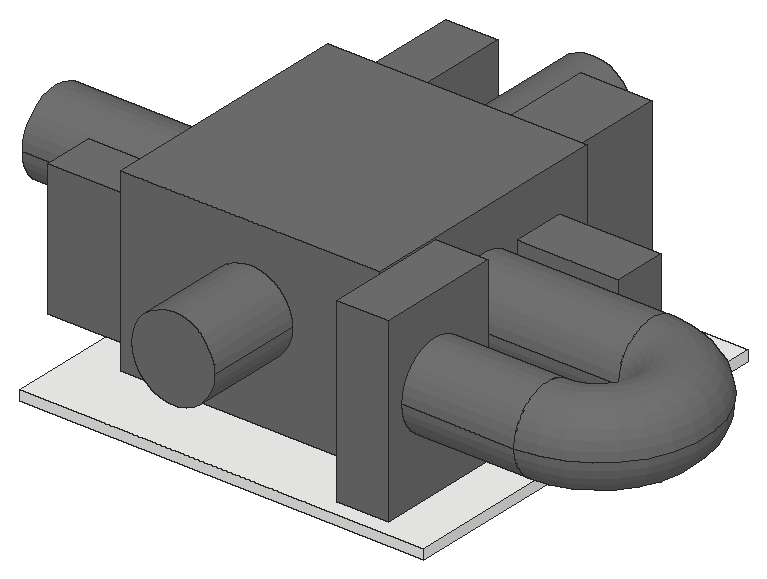
Revit family "v-180sz5(-n)_60Hz", category 機械設備, Revit 2019
Family settings
  丸型コネクタ寸法 = 直径を使用
  パーツ タイプ = 標準
  OmniClass 番号 = 23.75.35.17.27
  OmniClass タイトル = Centrifugal Fans
  作業面ベース = いいえ
  常に垂直 = はい
  ロード時にボイドで切り取り = いいえ
  共有 = いいえ
  部屋計算ポイント = はい
Parameters (values of type "V-180SZU5-N")
  騒音レベル(dB(A)) [instance] = 49
  風量 [instance] = 225.0 m³/h
  電源種別 [instance] = ""
  電圧 = 100 V
  電動機出力 = 0 W
  電動機_種別 [instance] = ""
  運転質量 = 0.00 kg
  連動 [instance] = ""
  質量 = if(製品質量 > 運転質量, 製品質量, 運転質量) * 1.2  # 8.40 kg
  負荷分類 = 3_ファン類
  説明 = "エアフロー環気システム サニタリー換気ユニット 天井埋込形"
  設計風量 [instance] = 0.0 m³/h
  設置方法 = "天埋"
  記号 [instance] = ""
  製造元 = "三菱電機株式会社"
  製品質量 = 7.00 kg
  製品出荷対象 = "国内"
  製品リリース年月 = "2022年6月1日"
  製品グループ = ""
  系統 [instance] = ""
  符号 [instance] = ""
  積算_科目 = "2 換気設備"
  積算_拾い区分 [instance] = ""
  相 = 1
  盤記号 [instance] = ""
  発停方法 [instance] = ""
  特殊仕様 [instance] = ""
  点検口 = yes
  火災停止 [instance] = ""
  消費電力 = 48 W
  法定耐用年数 = "15"
  機外静圧 [instance] = 178.0 Pa
  極数 = 2
  材質 [instance] = ""
  操作・制御方式 = ""
  操作・制御スイッチ = ""
  排気量 [instance] = 0.0 m³/h
  形式 = ""
  幹線記号 [instance] = ""
  対象室 [instance] = ""
  実風量 [instance] = 0.0 m³/h
  始動方式 [instance] = "直入"
  外気量 [instance] = 0.0 m³/h
  呼称 = ""
  周波数 = 60 Hz
  参照している仕様書等のバージョン = ""
  分類コード = "50052504100030"
  分類グループ = ""
  価格 = 109800
  企業コード = "108420"
  付属品_防振装置 = ""
  付属品 [instance] = ""
  仕様書バージョン = "Version1.0"
  モデル = "V-180SZU5-N"
  マテリアル = 合成樹脂(黒)
  ファンの種類 = ""
  ダクト径 = 100 mm
  コメント [instance] = ""
  Keynote = ""
  カバーマテリアル = 合成樹脂(白)
  Width = 304 mm
  W3 = Width / 2  # 152 mm
  W2 = 110 mm
  W1 = 475 mm
  Version = ""
  Uniclass2015Version = "Systems v1.9"
  Uniclass2015Title = "Centrifugal fans"
  Uniclass2015Code = "Pr_65_67_29_12"
  URL = "https://www.mitsubishielectric.co.jp/ldg/wink/ssl/displayProduct.do?pid=320480"
  SpecificationReference = ""
  SpecificationDescription = ""
  Revision = ""
  RAサイズ_D = 98 mm
  ProductInformation = ""
  OmniClassCode = "23-33 31 19 11 15"
  MIN風量 = 60.0 m³/h
  MIN静圧 = 12.5 Pa
  MID風量 = 0.0 m³/h
  MID静圧 = 0.0 Pa
  MAX風量 = 225.0 m³/h
  MAX静圧 = 178.0 Pa
  IfcTypeProduct = ""
  IfcProduct = ""
  IfcExportType = "PROPELLORAXIAL"
  IfcExportAs = "IfcFanType"
  Height = 211 mm
  H2 = 198 mm
  H1 = 12 mm
  Panel_W = 35 mm
  Gril_Width = 61 mm
  Gril_W = 155 mm
  Gril_Depth = 146 mm
  Gril_D = 73 mm
  EAサイズ_D = 98 mm
  Duct_RA_W1 = 113 mm
  Duct_RA_Depth2 = 322 mm
  Duct_RA_Depth1 = 198 mm
  Duct_H = 116 mm
  Duct_EA_Depth = 113 mm
  Depth = 304 mm
  D2 = 120 mm
  D1 = 475 mm
  Cover_Width = 132 mm
  Author = "三菱電機株式会社"
Reference planes
  plane 1 "中心(正面/背面)": y = 0
  plane 2: z = 0
  plane 3 "中心(左/右)": x = 0
  plane 4: x = -202.5
  plane 5: x = 272.5
  plane 6: y = 237.5
  plane 7: y = -237.5
  plane 8: x = -152
  plane 9: x = 152
  plane 10: y = 152
  plane 11: y = -152
  plane 12: y = -265
  plane 13: z = 211
  plane 14: z = -12
  plane 15: z = 116
  plane 16: y = 350
  plane 17: x = -110
  plane 18: x = 132
  plane 19: y = 272
  plane 20: z = 198
  plane 21: x = -76
  plane 22: x = 76
  plane 23: y = 110
  plane 24: y = -110
  plane 25: x = 474
  plane 26: x = -350
  plane 27: x = 272
  plane 28: x = -272
  plane 29: z = 165
  plane 30: z = 67
  plane 31: x = -49
  plane 32: x = 49
  plane 33: y = 49
  plane 34: y = -49
  plane 35: y = -152
  plane 36: x = 216
  plane 37: x = 155
  plane 38: y = -219
  plane 39: y = -73
  plane 40: x = 35
Forms (mm)
  Extrusion 1, solid, material "合成樹脂(黒)" <- "マテリアル", detail levels fine
    sketch origin (0, 0, 0) x (1, 0, 0) y (0, 1, 0)
      loop
        line (-152, 152) -> (-152, -152) -> (152, -152) -> (152, 152) -> (-152, 152)
    from 0 to 211
  Extrusion 2, solid, material "合成樹脂(白)" <- "カバーマテリアル", detail levels fine
    sketch origin (0, 0, 0) x (1, 0, 0) y (0, 1, 0)
      loop
        line (-202.5, 237.5) -> (-202.5, -237.5) -> (272.5, -237.5) -> (272.5, 237.5) -> (-202.5, 237.5)
    from 0 to -12
  Extrusion 3, solid, material "合成樹脂(黒)" <- "マテリアル", detail levels fine
    sketch origin (0, 0, 0) x (1, 0, 0) y (0, 0, 1)
      loop
        circle (0, 116) r 49
    from 152 to 265
  Extrusion 4, solid, material "合成樹脂(黒)" <- "マテリアル", detail levels fine
    sketch origin (0, 0, 0) x (1, 0, 0) y (0, 0, 1)
      loop
        circle (0, 116) r 49
    from -350 to -152
  Extrusion 5, solid, material "合成樹脂(黒)" <- "マテリアル", detail levels fine
    sketch origin (0, 0, 0) x (1, 0, 0) y (0, 1, 0)
      loop
        line (132, 272) -> (49, 272) -> (49, 152) -> (132, 152) -> (132, 272)
    from 0 to 198
  Extrusion 6, solid, material "合成樹脂(黒)" <- "マテリアル", detail levels fine
    sketch origin (0, 0, 0) x (1, 0, 0) y (0, 1, 0)
      loop
        line (-110, 152) -> (-49, 152) -> (-49, 272) -> (-110, 272) -> (-110, 152)
    from 0 to 198
  Extrusion 7, solid, material "合成樹脂(黒)" <- "マテリアル", detail levels fine
    sketch origin (0, 0, 0) x (0, 1, 0) y (0, 0, 1)
      loop
        circle (0, 116) r 49
    from -350 to -152
  Extrusion 8, solid, material "合成樹脂(黒)" <- "マテリアル", detail levels fine
    sketch origin (0, 0, 0) x (1, 0, 0) y (0, 1, 0)
      loop
        line (-272, -110) -> (-152, -110) -> (-152, -49) -> (-272, -49) -> (-272, -110)
    from 0 to 157
  Extrusion 9, solid, material "合成樹脂(黒)" <- "マテリアル", detail levels fine
    sketch origin (0, 0, 0) x (1, 0, 0) y (0, 1, 0)
      loop
        line (272, 49) -> (272, 110) -> (152, 110) -> (152, 49) -> (272, 49)
    from 0 to 157
  Extrusion 10, solid, material "合成樹脂(黒)" <- "マテリアル"
    sketch origin (0, 0, 0) x (1, 0, 0) y (0, 1, 0)
      loop
        line (216, -219) -> (216, -73) -> (155, -73) -> (155, -219) -> (216, -219)
    from 0 to 211
  Sweep 11, solid, material "合成樹脂(黒)" <- "マテリアル"
    path origin (0, 0, 0) x (1, 0, 0) y (0, 1, 0)
      loop
        line (152, 0) -> (349, 0)
        arc (349, 0) -> (425, -76) -> (349, -152) r 76
        line (349, -152) -> (216, -152)
    profile origin (250.5, 0, 0) x (0, 1, 0) y (0, 0, 1)
      loop
        circle (0, 116) r 49
Lines and regions (mm)
  Masking region 1, detail levels coarse+medium
    outline origin (3517.908, 55.806, 0) x (1, 0, 0) y (0, 1, 0)
      loop
        line (-3669.908, 96.194) -> (-3669.908, -207.806) -> (-3365.908, -207.806) -> (-3365.908, 96.194) -> (-3669.908, 96.194)
  symbolic lines, detail levels coarse+medium
    curve 1: circle (-76, 0, 0) r 76 normal (0, 0, 1)
    curve 2: circle (76, 0, 0) r 76 normal (0, 0, 1)
Dimensions and locks
  "W1": plane 4 to plane 5
  equal spacing: plane 6, plane 1 "中心(正面/背面)", plane 7
  "D1": plane 6 to plane 7
  equal spacing: plane 8, plane 3 "中心(左/右)", plane 9
  "Width": plane 8 to plane 9
  equal spacing: plane 10, plane 1 "中心(正面/背面)", plane 11
  "Depth": plane 10 to plane 11
  "Duct_EA_Depth": plane 11 to plane 12
  "Height": plane 13 to plane 2
  "Duct_H": plane 15 to plane 2
  "H1": plane 2 to plane 14
  "Duct_RA_Depth1": plane 16 to plane 10
  "W2": plane 17 to plane 3 "中心(左/右)"
  "Cover_Width": plane 3 "中心(左/右)" to plane 18
  "D2": plane 19 to plane 10
  "H2": plane 20 to level
  equal spacing: plane 8, plane 21, plane 3 "中心(左/右)"
  equal spacing: plane 3 "中心(左/右)", plane 22, plane 9
  "W2": plane 23 to plane 1 "中心(正面/背面)"
  "W2": plane 1 "中心(正面/背面)" to plane 24
  "Duct_RA_Depth1": plane 26 to plane 8
  "Duct_RA_Depth2": plane 9 to plane 25
  "D2": plane 28 to plane 8
  "D2": plane 9 to plane 27
  equal spacing: plane 29, plane 15, plane 30
  "EAサイズ_D": plane 29 to plane 30
  equal spacing: plane 31, plane 3 "中心(左/右)", plane 32
  "EAサイズ_D": plane 31 to plane 32
  equal spacing: plane 34, plane 1 "中心(正面/背面)", plane 33
  "RAサイズ_D": plane 33 to plane 34
  "Gril_Width": plane 37 to plane 36
  "Gril_W": plane 3 "中心(左/右)" to plane 37
  "Gril_Depth": plane 38 to plane 39
  "Gril_D": plane 39 to plane 1 "中心(正面/背面)"
  "Duct_RA_W1": plane 35 to plane 12
  "Panel_W": plane 3 "中心(左/右)" to plane 40
  equal spacing: plane 4, plane 40, plane 5
  "EAサイズ_D": diameter of Extrusion 3 sketch curve
  "RAサイズ_D": diameter of Extrusion 4 sketch curve
  "RAサイズ_D": diameter of Extrusion 7 sketch curve
  "RAサイズ_D": diameter of Sweep 11 sketch curve
  "W3": diameter of curve 1
  "W3": diameter of curve 2
  aligned and locked: level to plane 2
  aligned and locked: plane 5 to Extrusion 2
  aligned and locked: plane 6 to Extrusion 2
  aligned and locked: Extrusion 2 to plane 4
  aligned and locked: Extrusion 2 to plane 7
  aligned and locked: plane 9 to Extrusion 1
  aligned and locked: Extrusion 1 to plane 11
  aligned and locked: Extrusion 1 to plane 8
  aligned and locked: plane 10 to Extrusion 1
  aligned and locked: plane 13 to Extrusion 1
  aligned and locked: Extrusion 2 to plane 14
  aligned and locked: level to Extrusion 2
  aligned and locked: Extrusion 1 to level
  aligned and locked: Extrusion 3 to plane 12
  aligned and locked: plane 11 to Extrusion 3
  aligned and locked: Masking region 1 to plane 8
  aligned and locked: plane 9 to Masking region 1
  aligned and locked: Masking region 1 to plane 11
  aligned and locked: plane 10 to Masking region 1
  aligned and locked: plane 16 to Extrusion 4
  aligned and locked: Extrusion 4 to plane 10
  aligned and locked: plane 19 to Extrusion 5 sketch curve
  aligned and locked: plane 18 to Extrusion 5 sketch curve
  aligned and locked: Extrusion 5 sketch curve to plane 10
  aligned and locked: Extrusion 6 sketch curve to plane 10
  aligned and locked: Extrusion 6 sketch curve to plane 17
  aligned and locked: plane 19 to Extrusion 6 sketch curve
  aligned and locked: Extrusion 7 to plane 26
  aligned and locked: plane 8 to Extrusion 7
  aligned and locked: Extrusion 8 sketch curve to plane 24
  aligned and locked: plane 28 to Extrusion 8 sketch curve
  aligned and locked: plane 8 to Extrusion 8 sketch curve
  aligned and locked: Extrusion 9 sketch curve to plane 27
  aligned and locked: Extrusion 9 sketch curve to plane 23
  aligned and locked: plane 9 to Extrusion 9 sketch curve
  aligned and locked: Extrusion 5 to plane 32
  aligned and locked: plane 31 to Extrusion 6
  aligned and locked: Extrusion 9 to plane 33
  aligned and locked: Extrusion 8 to plane 34
  aligned and locked: Extrusion 9 to plane 2
  aligned and locked: Extrusion 8 to plane 2
  aligned and locked: Extrusion 6 to plane 2
  aligned and locked: Extrusion 10 to plane 37
  aligned and locked: plane 38 to Extrusion 10
  aligned and locked: plane 36 to Extrusion 10
  aligned and locked: Extrusion 10 to plane 39
  aligned and locked: Extrusion 10 to plane 2
  aligned and locked: plane 13 to Extrusion 10
  aligned and locked: plane 20 to Extrusion 5
  aligned and locked: plane 20 to Extrusion 6
Automatic sketch dimensions
  Extrusion 1 sketch curve to plane 8 = 0 mm
  Extrusion 1 sketch curve to plane 9 = 0 mm
  Extrusion 1 sketch curve to plane 11 = 0 mm
  Extrusion 1 sketch curve to plane 10 = 0 mm
  Extrusion 2 sketch curve to plane 4 = 0 mm
  Extrusion 2 sketch curve to plane 5 = 0 mm
  Extrusion 2 sketch curve to plane 7 = 0 mm
  Extrusion 2 sketch curve to plane 6 = 0 mm
  Masking region 1 sketch curve to plane 6 = 389.5 mm
  Masking region 1 sketch curve to Masking region 1 sketch curve = 304 mm
  Extrusion 3 sketch curve to plane 3 "中心(左/右)" = 0 mm
  Extrusion 3 sketch curve to plane 15 = 0 mm
  Extrusion 4 sketch curve to plane 3 "中心(左/右)" = 0 mm
  Extrusion 4 sketch curve to plane 15 = 0 mm
  Extrusion 7 sketch curve to plane 1 "中心(正面/背面)" = 0 mm
  Extrusion 7 sketch curve to plane 15 = 0 mm
  plane 3 "中心(左/右)" to Extrusion 5 sketch curve = 49 mm
  Extrusion 6 sketch curve to plane 3 "中心(左/右)" = 49 mm
  Extrusion 9 sketch curve to plane 1 "中心(正面/背面)" = 49 mm
  Extrusion 8 sketch curve to plane 34 = 0 mm
  Extrusion 10 sketch curve to plane 37 = 0 mm
  Extrusion 10 sketch curve to plane 36 = 0 mm
  plane 38 to Extrusion 10 sketch curve = 0 mm
  plane 39 to Extrusion 10 sketch curve = 0 mm
  Sweep 11 sketch curve to profile plane = 0 mm
  level to Sweep 11 sketch curve = 116 mm
  plane 1 "中心(正面/背面)" to curve 1 = 0 mm
  curve 1 to plane 21 = 0 mm
  plane 1 "中心(正面/背面)" to curve 2 = 0 mm
  curve 2 to plane 22 = 0 mm
  Sweep 11 sketch curve to plane 9 = 0 mm
  Sweep 11 sketch curve to plane 36 = 0 mm
  plane 1 "中心(正面/背面)" to Sweep 11 sketch curve = 0 mm
  Sweep 11 sketch curve to plane 11 = 0 mm
  plane 27 to Sweep 11 sketch curve = 77 mm
  Masking region 1 sketch curve to plane 10 = 0 mm
  Masking region 1 sketch curve to plane 8 = 0 mm
Connectors
  hvac at (0, -265, 116), driven by "ダクト径", driven by "風量", driven by "機外静圧"
    settings: on Extrusion 3, index 1, duct flow 225.0 m³/h, flow factor 0, pres drop 178.0 Pa, loss coef 0, conn angle 0.00°, conn width 304.8 mm, conn height 304.8 mm, conn diameter 100 mm, duct sys type 3, conn prof type 0, flow config 0, flow direction 2, loss method 4, conn ref index -1, conn util no, is conn primary yes, conn desc ""
  hvac at (0, 350, 116), driven by "ダクト径", driven by "機外静圧", driven by "風量"
    settings: on Extrusion 4, index 4, duct flow 225.0 m³/h, flow factor 0, pres drop 178.0 Pa, loss coef 0, conn angle 0.00°, conn width 304.8 mm, conn height 304.8 mm, conn diameter 100 mm, duct sys type 2, conn prof type 0, flow config 0, flow direction 2, loss method 4, conn ref index -1, conn util no, is conn primary no, conn desc ""
  hvac at (-350, 0, 116), driven by "ダクト径", driven by "機外静圧", driven by "風量"
    settings: on Extrusion 7, index 5, duct flow 225.0 m³/h, flow factor 0, pres drop 178.0 Pa, loss coef 0, conn angle 0.00°, conn width 304.8 mm, conn height 304.8 mm, conn diameter 100 mm, duct sys type 2, conn prof type 0, flow config 0, flow direction 2, loss method 4, conn ref index -1, conn util no, is conn primary no, conn desc ""
  electrical at (90.5, 212, 0), driven by "極数", driven by "負荷分類", driven by "電圧", driven by "消費電力"
    settings: on Extrusion 5, index 7, voltage 100 V, apparent load 48 VA, apparent load phase1 0 VA, apparent load phase2 0 VA, apparent load phase3 0 VA, power factor 1, load classification "3_ファン類", number of poles 2, system type 30, power factor state 1, is connector primary yes, connector utility no, sub classification motor no, connector description ""
